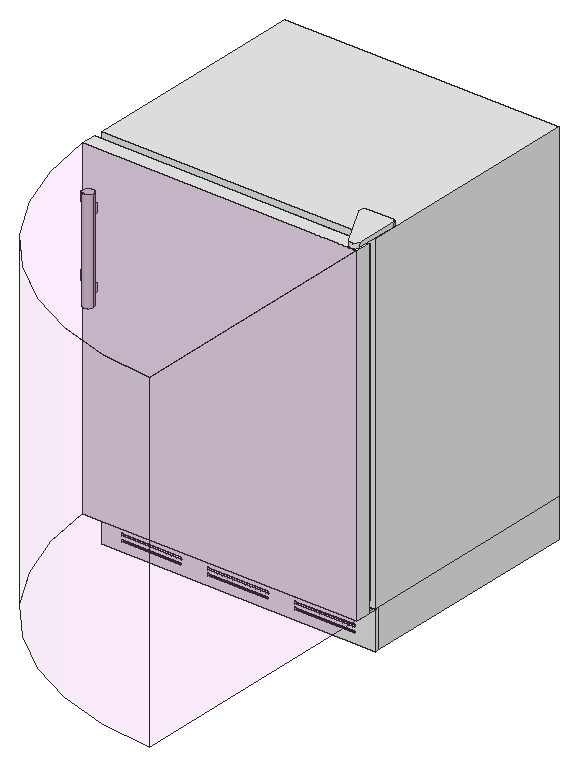
Revit family "QF_Summit_CT661W_Refrigerator-Freezer", category Specialty Equipment, Revit 2020
Family settings
  Round Connector Dimension = Use Diameter
  Part Type = Normal
  Work Plane-Based = No
  Always vertical = Yes
  Cut with Voids When Loaded = No
  Shared = No
  Room Calculation Point = No
Parameters
  Weight in Pounds = 100
  Watts = Volts * FL Amps  # 138 W
  Volts = 115 V
  URL Cutsheet = ""
  Specification by User = ""
  Specification by Manufacturer = ""
  Show LHD [instance] = no
  Right Hinged Door [instance] = not(Show LHD)  # yes
  Serial Number = ""
  Seismic Rating = ""
  SMACNA No = ""
  Revision Code = ""
  Refrigerant Volume = 0.00 kip
  Refrigerant Type = "R600a"
  Phase = 1
  Number of Poles = 1
  NAFEM Spec ID Number = ""
  Model = "CT661W"
  Min Ckt Ampacity = 0 A
  Max Overcurrent Protection = 0 A
  Masterspec = ""
  Manufacturer = "Summit"
  Length = 23 5/8"
  Item Number = ""
  Installed By = ""
  Identify Quantity as Lot = yes
  Height = 32 5/8"
  HP = ""
  Furnished By = ""
  Foodservice Equipment Identifier = yes
  FL Amps = 1.2 A
  Electrical Remarks = ""
  Electric Connection Type = ""
  Elec Conn RI Height = 0"
  Elec Conn Connection Height = 0"
  Description = "Refrigerator-Freezer"
  Depth = 23"
  Default Elevation = 0"
  Cycle = 60 Hz
  Conn Plug = ""
  Conn Conduit = yes
  CSI MasterFormat = ""
  BTUH = 0.0 Btu/h
  Apparent Power = if(Phase = 3, Volts * FL Amps * 1.73, Volts * FL Amps)  # 138 VA
Reference planes (in)
  plane 1 "BACK": y = 0
  plane 2: z = 0
  plane 3 "LEFT": x = 0
  plane 4 "RIGHT": x = 23.625
  plane 5 "FRONT": y = -23
  plane 6 "TOP": z = 32.625
  plane 7 "Center Y": x = 11.8125
  plane 8 "Center X": y = -11.5
  plane 9: z = 32.25
  plane 10: y = -24.625
  plane 11: y = -45.375
  plane 12: y = -1.25
  plane 13: y = -21
  plane 14: z = 0.375
  plane 15: z = 3.625
  plane 16: x = 17.46169
Forms (in)
  Extrusion 1, solid, material "QF_Metallic_Paint_White_Smooth"
    sketch origin (-4.07558, -180, 0.5) x (-1, 0, 0) y (0, -1, 0)
      loop
        line (-4.07558, -178.75) -> (-4.07558, -159) -> (-27.70058, -159) -> (-27.70058, -178.75) -> (-4.07558, -178.75)
    from 3.125 to 31.75
  Extrusion 2, solid, material "QF_Metallic_Paint_White_Smooth"
    sketch origin (-5.77638, -180.6239, 3.75) x (-1, 0, 0) y (0, -1, 0)
      loop
        line (-5.77638, -157.625) -> (-29.40138, -157.625) -> (-29.40138, -158.875) -> (-5.77638, -158.875) -> (-5.77638, -157.625)
    from -0.125 to 28.5
  Extrusion 3, solid, material "QF_Metallic_Paint_White_Smooth"
    sketch origin (23.5, -21.7489, 3.75) x (-1, 0, 0) y (0, 0, 1)
      loop
        line (0.375, 0.375) -> (23, 0.375) -> (23, 28) -> (0.375, 28) -> (0.375, 0.375)
    from 0 to 0.7489
  Extrusion 4, solid, material "QF_Metallic_Paint_White_Smooth", visible <- "Right Hinged Door"
    sketch origin (-5.77638, -180.6239, 32.25) x (-1, 0, 0) y (0, -1, 0)
      loop
        line (-26.55339, -161.37658) -> (-28.47012, -157.91871)
        arc (-28.47012, -157.91871) -> (-28.95386, -157.71088) -> (-29.27619, -158.12717) r 0.42999
        line (-29.27619, -158.12717) -> (-29.27619, -161.7403)
        arc (-29.27619, -161.7403) -> (-29.20297, -161.91708) -> (-29.02619, -161.9903) r 0.25
        line (-29.02619, -161.9903) -> (-26.9149, -161.9903)
        arc (-26.9149, -161.9903) -> (-26.55876, -161.78675) -> (-26.55339, -161.37658) r 0.41333
    from 0 to 0.375
  Extrusion 5, solid, material "QF_Metal_Stainless_Polished", visible <- "Right Hinged Door"
    sketch origin (-1.6459, -180.6239, 28.57044) x (-1, 0, 0) y (0, -1, 0)
      loop
        line (-1.6459, -158.625) -> (-1.5209, -158.625) -> (-1.5209, -157.55854) -> (-2.72981, -156.74311) -> (-3.38781, -156.74311) -> (-3.38781, -156.86811) -> (-2.76803, -156.86811) -> (-1.6459, -157.625) -> (-1.6459, -158.625)
    from 0 to -0.75
  Extrusion 6, solid, material "QF_Metal_Stainless_Polished", visible <- "Right Hinged Door"
    sketch origin (-4.89398, -180.6239, 20.75) x (-1, 0, 0) y (0, -1, 0)
      loop
        circle (-6.30689, -156.43406) r 0.43516
    from 0 to 8.75
  Extrusion 7, solid, material "QF_Metal_Stainless_Polished", visible <- "Right Hinged Door"
    sketch origin (-1.6459, -180.6239, 21.67956) x (0, 1, 0) y (1, 0, 0)
      loop
        line (158.625, 1.6459) -> (157.625, 1.6459) -> (156.86811, 2.76803) -> (156.86811, 3.38781) -> (156.74311, 3.38781) -> (156.74311, 2.72981) -> (157.55854, 1.5209) -> (158.625, 1.5209) -> (158.625, 1.6459)
    from 0 to -0.75
  Extrusion 8, solid, material "QF_Metallic_Paint_White_Smooth", visible <- "Right Hinged Door"
    sketch origin (-5.77638, -180.5, 3.625) x (0, -1, 0) y (-1, 0, 0)
      loop
        line (-159.5, -29.27619) -> (-158.12717, -29.27619)
        arc (-158.12717, -29.27619) -> (-157.71088, -28.95386) -> (-157.91871, -28.47012) r 0.42999
        line (-157.91871, -28.47012) -> (-159.5, -27.5936) -> (-159.5, -29.27619)
    from 0 to 0.125
  Extrusion 9, solid, material "QF_Metallic_Paint_White_Smooth"
    sketch origin (-12.48311, -21, 47.125) x (-1, 0, 0) y (0, 0, 1)
      loop
        line (-12.48311, -46.75) -> (-12.48311, -43.5) -> (-36.10811, -43.5) -> (-36.10811, -46.75) -> (-12.48311, -46.75)
      loop
        line (-14.18872, -44.25) -> (-19.43872, -44.25) -> (-19.43872, -44.5) -> (-14.18872, -44.5) -> (-14.18872, -44.25)
      loop
        line (-14.18872, -44.75) -> (-19.43872, -44.75) -> (-19.43872, -45) -> (-14.18872, -45) -> (-14.18872, -44.75)
      loop
        line (-14.18872, -45.25) -> (-19.43872, -45.25) -> (-19.43872, -45.5) -> (-14.18872, -45.5) -> (-14.18872, -45.25)
      loop
        line (-14.18872, -45.75) -> (-19.43872, -45.75) -> (-19.43872, -46) -> (-14.18872, -46) -> (-14.18872, -45.75)
      loop
        line (-21.67061, -44.25) -> (-26.92061, -44.25) -> (-26.92061, -44.5) -> (-21.67061, -44.5) -> (-21.67061, -44.25)
      loop
        line (-21.67061, -44.75) -> (-26.92061, -44.75) -> (-26.92061, -45) -> (-21.67061, -45) -> (-21.67061, -44.75)
      loop
        line (-21.67061, -45.25) -> (-26.92061, -45.25) -> (-26.92061, -45.5) -> (-21.67061, -45.5) -> (-21.67061, -45.25)
      loop
        line (-21.67061, -45.75) -> (-26.92061, -45.75) -> (-26.92061, -46) -> (-21.67061, -46) -> (-21.67061, -45.75)
      loop
        line (-34.40249, -44.25) -> (-34.40249, -44.5) -> (-29.15249, -44.5) -> (-29.15249, -44.25) -> (-34.40249, -44.25)
      loop
        line (-34.40249, -44.75) -> (-34.40249, -45) -> (-29.15249, -45) -> (-29.15249, -44.75) -> (-34.40249, -44.75)
      loop
        line (-34.40249, -45.25) -> (-34.40249, -45.5) -> (-29.15249, -45.5) -> (-29.15249, -45.25) -> (-34.40249, -45.25)
      loop
        line (-34.40249, -45.75) -> (-34.40249, -46) -> (-29.15249, -46) -> (-29.15249, -45.75) -> (-34.40249, -45.75)
    from 0 to 0.25
  Extrusion 10, solid, material "QF_Metallic_Paint_White_Smooth"
    sketch origin (-12.48311, -1, 48.375) x (-1, 0, 0) y (0, 0, 1)
      loop
        line (-12.48311, -44.75) -> (-36.10811, -44.75) -> (-36.10811, -48) -> (-12.48311, -48) -> (-12.48311, -44.75)
    from -19.75 to -0.25
  Extrusion 11, solid, material "QF_Metallic_Paint_White_Smooth"
    sketch origin (23.625, -1, 0.375) x (0, 1, 0) y (1, 0, 0)
      loop
        circle (-18, -20.5146) r 0.5
      loop
        circle (-2.25, -20.5146) r 0.5
      loop
        circle (-18, -3.1104) r 0.5
      loop
        circle (-2.25, -3.1104) r 0.5
    from 0 to 0.375
  Extrusion 12, solid, material "QF_Metal_Stainless_Polished"
    sketch origin (0, -1.25, 0.5) x (1, 0, 0) y (0, 0, -1)
      loop
        circle (17.46169, -0.84684) r 0.25
    from 0 to 0.25
  Extrusion 13, solid, material "QF_Metallic_Paint_White_Smooth"
    sketch origin (0, -0.75, 18) x (0, -1, 0) y (1, 0, 0)
      loop
        line (-0.75, 1) -> (0.5, 1) -> (0.5, 22.625) -> (-0.75, 22.625) -> (-0.75, 1)
    from -14.375 to 13.25
  Extrusion 14, solid, material "QF_Clearances_Door_Drawer", visible <- "Right Hinged Door"
    sketch origin (-5.77638, -180.6239, 3.625) x (0, -1, 0) y (-1, 0, 0)
      loop
        line (-157.625, -29.40138) -> (-135.2489, -29.40138)
        arc (-135.2489, -29.40138) -> (-141.83082, -13.22625) -> (-157.625, -5.77638) r 24.03425
        line (-157.625, -5.77638) -> (-157.625, -29.40138)
    from 0 to -28.625
  Extrusion 15, solid, material "QF_Clearances_Door_Drawer", visible <- "Show LHD"
    sketch origin (29.40138, -180.6239, 3.625) x (0, 1, 0) y (1, 0, 0)
      loop
        line (157.625, -29.40138) -> (157.625, -5.77638)
        arc (157.625, -5.77638) -> (141.83082, -13.22625) -> (135.2489, -29.40138) r 24.03425
        line (135.2489, -29.40138) -> (157.625, -29.40138)
    from 0 to -28.625
  Extrusion 16, solid, material "QF_Metal_Stainless_Polished", visible <- "Show LHD"
    sketch origin (25.2709, -180.6239, 28.57044) x (1, 0, 0) y (0, 1, 0)
      loop
        line (-1.6459, 158.625) -> (-1.6459, 157.625) -> (-2.76803, 156.86811) -> (-3.38781, 156.86811) -> (-3.38781, 156.74311) -> (-2.72981, 156.74311) -> (-1.5209, 157.55854) -> (-1.5209, 158.625) -> (-1.6459, 158.625)
    from 0 to -0.75
  Extrusion 17, solid, material "QF_Metal_Stainless_Polished", visible <- "Show LHD"
    sketch origin (28.51898, -180.6239, 20.75) x (1, 0, 0) y (0, 1, 0)
      loop
        circle (-6.30689, 156.43406) r 0.43516
    from 0 to 8.75
  Extrusion 18, solid, material "QF_Metal_Stainless_Polished", visible <- "Show LHD"
    sketch origin (25.2709, -180.6239, 21.67956) x (0, -1, 0) y (-1, 0, 0)
      loop
        line (-158.625, 1.6459) -> (-158.625, 1.5209) -> (-157.55854, 1.5209) -> (-156.74311, 2.72981) -> (-156.74311, 3.38781) -> (-156.86811, 3.38781) -> (-156.86811, 2.76803) -> (-157.625, 1.6459) -> (-158.625, 1.6459)
    from 0 to -0.75
  Extrusion 19, solid, material "QF_Metallic_Paint_White_Smooth", visible <- "Show LHD"
    sketch origin (29.40138, -180.6239, 32.25) x (1, 0, 0) y (0, 1, 0)
      loop
        arc (-26.55339, 161.37658) -> (-26.55876, 161.78675) -> (-26.9149, 161.9903) r 0.41333
        line (-26.9149, 161.9903) -> (-29.02619, 161.9903)
        arc (-29.02619, 161.9903) -> (-29.20297, 161.91708) -> (-29.27619, 161.7403) r 0.25
        line (-29.27619, 161.7403) -> (-29.27619, 158.12717)
        arc (-29.27619, 158.12717) -> (-28.95386, 157.71088) -> (-28.47012, 157.91871) r 0.42999
        line (-28.47012, 157.91871) -> (-26.55339, 161.37658)
    from 0 to 0.375
  Extrusion 20, solid, material "QF_Metallic_Paint_White_Smooth", visible <- "Show LHD"
    sketch origin (29.40138, -180.5, 3.625) x (0, 1, 0) y (1, 0, 0)
      loop
        line (159.5, -29.27619) -> (159.5, -27.5936) -> (157.91871, -28.47012)
        arc (157.91871, -28.47012) -> (157.71088, -28.95386) -> (158.12717, -29.27619) r 0.42999
        line (158.12717, -29.27619) -> (159.5, -29.27619)
    from 0 to 0.125
Lines and regions (in)
  symbolic lines
    curve 1: line (0, -1.25, 0) -> (23.625, -1.25, 0)
    curve 2: line (0, -21, 0) -> (0, -1.25, 0)
    curve 3: line (23.625, -21, 0) -> (23.49982, -21, 0)
    curve 4: line (23.625, -1.25, 0) -> (23.625, -21, 0)
    curve 5: line (21.74854, -21, 0) -> (1.87646, -21, 0)
    curve 12: line (23.625, -22.9989, 0) -> (0, -22.9989, 0)
    curve 13: line (0, -21.7489, 0) -> (0, -22.9989, 0)
    curve 14: line (23.625, -21.7489, 0) -> (23.49982, -21.7489, 0)
    curve 15: line (23.625, -22.9989, 0) -> (23.625, -21.7489, 0)
    curve 16: line (22.16366, -21.7489, 0) -> (1.46134, -21.7489, 0)
    curve 28: line (1, -1.25, 0) -> (1, 0, 0)
    curve 29: line (1, 0, 0) -> (22.625, 0, 0)
    curve 30: line (22.625, 0, 0) -> (22.625, -1.25, 0)
    curve 53: line (0.12518, -21, 0) -> (0, -21, 0)
    curve 55: line (0.12518, -21.7489, 0) -> (0, -21.7489, 0)
  symbolic lines, visible <- "Right Hinged Door"
    curve 6: line (23.49982, -22.49673, 0) -> (23.49982, -18.8836, 0)
    curve 7: arc (23.49982, -18.8836, 0) -> (23.42659, -18.70682, 0) -> (23.24982, -18.6336, 0) r 0.25
    curve 8: line (23.24982, -18.6336, 0) -> (21.13852, -18.6336, 0)
    curve 9: arc (21.13852, -18.6336, 0) -> (20.78238, -18.83715, 0) -> (20.77701, -19.24732, 0) r 0.41333
    curve 10: line (20.77701, -19.24732, 0) -> (22.69374, -22.70519, 0)
    curve 11: arc (22.69374, -22.70519, 0) -> (23.17748, -22.91302, 0) -> (23.49982, -22.49673, 0) r 0.42999
    curve 17: line (-0.125, -21.9989, 0) -> (-0.125, -23.06536, 0)
    curve 18: line (-0.125, -23.06536, 0) -> (1.08391, -23.88078, 0)
    curve 19: arc (0.97776, -24.18984, 0) -> (1.41291, -24.625, 0) -> (1.84807, -24.18984, 0) r 0.43516
    curve 20: line (1.74192, -23.75578, 0) -> (1.12213, -23.75578, 0)
    curve 21: line (1.12213, -23.75578, 0) -> (0, -22.9989, 0)
    curve 22: line (1.74192, -23.88078, 0) -> (1.74192, -23.75578, 0)
    curve 23: arc (1.84807, -24.18984, 0) -> (1.73137, -23.89328, 0) -> (1.44385, -23.75578, 0) r 0.43516
    curve 24: line (1.08391, -23.88078, 0) -> (1.10657, -23.88078, 0)
    curve 25: line (1.71926, -23.88078, 0) -> (1.74192, -23.88078, 0)
    curve 26: arc (1.38198, -23.75578, 0) -> (1.09446, -23.89328, 0) -> (0.97776, -24.18984, 0) r 0.43516
    curve 27: line (0.5, -21.7489, 0) -> (0.5, -21, 0)
    curve 32: line (-0.125, -21.9989, 0) -> (0, -21.9989, 0)
    curve 54: line (1.87646, -21, 0) -> (0.12518, -21, 0)
    curve 56: line (1.46134, -21.7489, 0) -> (0.12518, -21.7489, 0)
  symbolic lines, style "QF_Clearances_Door_Drawer", visible <- "Right Hinged Door"
    curve 31: line (23.625, -22.9989, 0) -> (3.82025, -34.43318, 0)
    curve 33: arc (3.82025, -34.43318, 0) -> (1.20686, -29.03479, 0) -> (0.01147, -23.15741, 0) r 24.03425
  symbolic lines, visible <- "Show LHD"
    curve 34: line (0.12518, -22.49673, 0) -> (0.12518, -18.8836, 0)
    curve 35: arc (0.12518, -18.8836, 0) -> (0.19841, -18.70682, 0) -> (0.37518, -18.6336, 0) r 0.25
    curve 36: line (0.37518, -18.6336, 0) -> (2.48648, -18.6336, 0)
    curve 37: arc (2.48648, -18.6336, 0) -> (2.84262, -18.83715, 0) -> (2.84799, -19.24732, 0) r 0.41333
    curve 38: line (2.84799, -19.24732, 0) -> (0.93126, -22.70519, 0)
    curve 39: arc (0.93126, -22.70519, 0) -> (0.44752, -22.91302, 0) -> (0.12518, -22.49673, 0) r 0.42999
    curve 40: line (23.75, -21.9989, 0) -> (23.75, -23.06536, 0)
    curve 41: line (23.75, -23.06536, 0) -> (22.54109, -23.88078, 0)
    curve 42: arc (22.64724, -24.18984, 0) -> (22.21209, -24.625, 0) -> (21.77693, -24.18984, 0) r 0.43516
    curve 43: line (21.88308, -23.75578, 0) -> (22.50287, -23.75578, 0)
    curve 44: line (22.50287, -23.75578, 0) -> (23.625, -22.9989, 0)
    curve 45: arc (21.77693, -24.18984, 0) -> (21.89363, -23.89328, 0) -> (22.18115, -23.75578, 0) r 0.43516
    curve 46: arc (22.24302, -23.75578, 0) -> (22.53054, -23.89328, 0) -> (22.64724, -24.18984, 0) r 0.43516
    curve 48: line (23.75, -21.9989, 0) -> (23.625, -21.9989, 0)
    curve 50: line (22.54109, -23.88078, 0) -> (22.51843, -23.88078, 0)
    curve 51: line (21.88308, -23.75578, 0) -> (21.88308, -23.88078, 0)
    curve 52: line (21.90574, -23.88078, 0) -> (21.88308, -23.88078, 0)
    curve 57: line (23.125, -21.7489, 0) -> (23.125, -21, 0)
    curve 58: line (21.74854, -21, 0) -> (23.49982, -21, 0)
    curve 59: line (22.16366, -21.7489, 0) -> (23.49982, -21.7489, 0)
  symbolic lines, style "QF_Clearances_Door_Drawer", visible <- "Show LHD"
    curve 47: line (0, -22.9989, 0) -> (19.80475, -34.43318, 0)
    curve 49: arc (19.80475, -34.43318, 0) -> (22.41814, -29.03479, 0) -> (23.61353, -23.15741, 0) r 24.03425
Dimensions and locks (in)
  equal spacing: plane 3 "LEFT", plane 7 "Center Y", plane 4 "RIGHT"
  "Length": plane 3 "LEFT" to plane 4 "RIGHT"
  equal spacing: plane 5 "FRONT", plane 8 "Center X", plane 1 "BACK"
  "Depth": plane 5 "FRONT" to plane 1 "BACK"
  "Height": plane 6 "TOP" to level
  plane 4 "RIGHT" to plane 3 "LEFT" = 23 5/8"
  locked: plane 6 "TOP" to plane 9 at 0.375
  locked: plane 10 to plane 5 "FRONT" at 1.625
  plane 1 "BACK" to plane 12 = 1 1/4"
  plane 12 to plane 13 = 19 3/4"
  plane 9 to plane 2 = 32 1/4"
  plane 14 to plane 2 = 3/8"
  plane 15 to plane 14 = 3 1/4"
  plane 11 to plane 1 "BACK" = 45 3/8"
  aligned and locked: level to plane 2
Automatic sketch dimensions
  curve 19 to curve 23 = 0"  (x2)
  curve 19 to curve 26 = 0"  (x2)
  curve 23 to curve 26 = 0"  (x2)
  curve 42 to curve 45 = 0"  (x2)
  curve 42 to curve 46 = 0"  (x2)
  curve 45 to curve 46 = 0"  (x2)
  curve 47 to plane 3 "LEFT" = 0"
  curve 53 to plane 3 "LEFT" = 0"
  curve 53 to plane 13 = 0"
  curve 54 to plane 13 = 0"
  curve 28 to plane 12 = 0"
  plane 1 "BACK" to curve 29 = 0"
  curve 5 to plane 13 = 0"
  curve 58 to plane 13 = 0"
  curve 3 to plane 13 = 0"
  curve 48 to plane 4 "RIGHT" = 0"
  curve 1 to plane 4 "RIGHT" = 0"
  curve 17 to plane 3 "LEFT" = 1/8"
  curve 49 to plane 3 "LEFT" = 0.35216"
  plane 3 "LEFT" to curve 34 = 0.12518"
  curve 34 to curve 36 = 1/4"
  curve 34 to curve 39 = 0.42999"
  curve 38 to plane 5 "FRONT" = 0.29481"
  curve 39 to curve 38 = 0.37608"
  plane 3 "LEFT" to curve 29 = 1"
  plane 3 "LEFT" to curve 18 = 1.08391"
  plane 5 "FRONT" to curve 21 = 0.75578"
  curve 18 to curve 21 = 0.03822"
  curve 18 to curve 26 = 0.329"
  curve 16 to plane 13 = 0.7489"
  curve 39 to curve 16 = 0.53008"
  curve 19 to curve 20 = 0.329"
  curve 36 to curve 36 = 2.1113"
  plane 13 to curve 38 = 1.75268"
  plane 3 "LEFT" to curve 31 = 3.82025"
  curve 47 to plane 16 = 2.34306"
  plane 4 "RIGHT" to curve 10 = 2.84799"
  curve 9 to curve 9 = 0.36151"
  plane 10 to curve 52 = 0.74422"
  plane 4 "RIGHT" to curve 52 = 1.74192"
  curve 51 to curve 45 = 0.329"
  curve 42 to curve 44 = 0.29079"
  curve 43 to curve 50 = 0.01556"
  curve 50 to curve 50 = 0.02266"
  plane 4 "RIGHT" to curve 30 = 1"
  curve 10 to plane 5 "FRONT" = 0.29481"
  plane 4 "RIGHT" to curve 10 = 0.93126"
  curve 10 to curve 11 = 0.37608"
  plane 4 "RIGHT" to curve 7 = 0.37518"
  plane 4 "RIGHT" to curve 6 = 0.12518"
  curve 40 to plane 4 "RIGHT" = 1/8"
  curve 33 to plane 4 "RIGHT" = 0.35216"
  curve 52 to curve 41 = 0"
  curve 18 to curve 20 = 1/8"
  plane 10 to curve 26 = 0.43516"
  curve 45 to curve 52 = 0.30906"
  curve 47 to plane 10 = 9.80818"
  curve 31 to plane 10 = 9.80818"
  curve 22 to curve 20 = 1/8"
  curve 51 to curve 43 = 1/8"
  plane 5 "FRONT" to curve 17 = 0.06536"
  plane 5 "FRONT" to curve 41 = 0.06536"
  curve 44 to plane 5 "FRONT" = 0.0011"
  curve 6 to curve 40 = 0.49783"
  curve 39 to curve 32 = 0.49783"
  curve 32 to curve 13 = 1/4"
  curve 48 to curve 14 = 1/4"
  curve 49 to plane 13 = 0.34333"
  curve 33 to plane 13 = 0.34333"
  plane 13 to curve 10 = 1.75268"
  curve 9 to curve 9 = 0.20039"
  curve 37 to curve 37 = 0.20039"
  curve 55 to curve 27 = 0.37482"
  curve 19 to curve 18 = 0.10616"
  curve 56 to curve 16 = 0"
  curve 59 to curve 16 = 0"
  curve 57 to curve 3 = 0.37482"
  Extrusion 1 sketch curve to plane 4 "RIGHT" = 0"
  Extrusion 1 sketch curve to plane 3 "LEFT" = 0"
  Extrusion 1 sketch curve to plane 12 = 0"
  Extrusion 1 sketch curve to plane 13 = 0"
  Extrusion 2 sketch curve to plane 4 "RIGHT" = 0"
  Extrusion 2 sketch curve to plane 3 "LEFT" = 0"
  Extrusion 2 sketch curve to plane 13 = 0.7489"
  Extrusion 2 sketch curve to plane 5 "FRONT" = 0.0011"
  Extrusion 2 to Extrusion 3 sketch curve = 1/2"  (x3)
  Extrusion 3 sketch curve to Extrusion 2 = 1/2"
  Extrusion 4 sketch curve to Extrusion 2 = 0.12518"
  Extrusion 4 sketch curve to Extrusion 4 sketch curve = 1/4"
  Extrusion 4 sketch curve to Extrusion 4 sketch curve = 0.42999"
  Extrusion 4 sketch curve to Extrusion 2 = 0.29371"
  Extrusion 4 sketch curve to Extrusion 4 sketch curve = 0.37608"
  Extrusion 4 sketch curve to Extrusion 4 sketch curve = 2.1113"
  Extrusion 4 sketch curve to Extrusion 4 sketch curve = 0.36151"
  Extrusion 2 to Extrusion 4 sketch curve = 2.50158"
  Extrusion 4 sketch curve to Extrusion 4 sketch curve = 0.20039"
  Extrusion 5 sketch curve to plane 3 "LEFT" = 0"
  plane 3 "LEFT" to Extrusion 5 sketch curve = 1.08391"
  Extrusion 5 sketch curve to Extrusion 5 sketch curve = 0.03822"
  Extrusion 5 sketch curve to Extrusion 5 sketch curve = 0.61979"
  Extrusion 5 sketch curve to plane 3 "LEFT" = 1/8"
  Extrusion 5 sketch curve to plane 13 = 0.9989"
  Extrusion 5 sketch curve to plane 5 "FRONT" = 0.0011"
  plane 5 "FRONT" to Extrusion 5 sketch curve = 0.06536"
  plane 5 "FRONT" to Extrusion 5 sketch curve = 0.75578"
  Extrusion 5 sketch curve to Extrusion 5 sketch curve = 1/8"
  plane 10 to Extrusion 6 sketch curve = 0.43516"
  plane 3 "LEFT" to Extrusion 6 sketch curve = 1.41291"
  Extrusion 7 sketch curve to plane 3 "LEFT" = 0"
  plane 10 to Extrusion 7 sketch curve = 0.74422"
  Extrusion 7 sketch curve to Extrusion 7 sketch curve = 1/8"
  plane 5 "FRONT" to Extrusion 7 sketch curve = 0.06536"
  Extrusion 7 sketch curve to plane 5 "FRONT" = 0.0011"
  Extrusion 7 sketch curve to plane 3 "LEFT" = 1/8"
  Extrusion 7 sketch curve to plane 13 = 0.9989"
  plane 3 "LEFT" to Extrusion 7 sketch curve = 1.08391"
  Extrusion 7 sketch curve to Extrusion 7 sketch curve = 0.03822"
  Extrusion 7 sketch curve to Extrusion 7 sketch curve = 0.61979"
  Extrusion 2 to Extrusion 8 sketch curve = 0.12518"
  Extrusion 8 sketch curve to Extrusion 2 = 0.7489"
  Extrusion 2 to Extrusion 8 sketch curve = 0.62393"
  Extrusion 2 to Extrusion 8 sketch curve = 0.41761"
  Extrusion 8 sketch curve to Extrusion 8 sketch curve = 0.42999"
  Extrusion 8 sketch curve to Extrusion 8 sketch curve = 1.6826"
  plane 4 "RIGHT" to Extrusion 9 sketch curve = 0"
  Extrusion 9 sketch curve to plane 3 "LEFT" = 0"
  Extrusion 9 sketch curve to plane 14 = 0"
  Extrusion 9 sketch curve to plane 15 = 0"
  plane 4 "RIGHT" to Extrusion 9 sketch curve = 1.70562"
  plane 14 to Extrusion 9 sketch curve = 3/4"  (x3)
  Extrusion 9 sketch curve to Extrusion 9 sketch curve = 0"  (x18)
  plane 16 to Extrusion 9 sketch curve = 0.79231"
  Extrusion 9 sketch curve to Extrusion 9 sketch curve = 2.23188"  (x2)
  Extrusion 9 sketch curve to plane 7 "Center Y" = 2 5/8"
  plane 3 "LEFT" to Extrusion 9 sketch curve = 1.70562"
  Extrusion 9 sketch curve to Extrusion 9 sketch curve = 1/4"  (x21)
  plane 4 "RIGHT" to Extrusion 10 sketch curve = 0"
  Extrusion 10 sketch curve to plane 3 "LEFT" = 0"
  Extrusion 10 sketch curve to plane 14 = 0"
  Extrusion 10 sketch curve to plane 15 = 0"
  Extrusion 11 sketch curve to Extrusion 10 = 1 3/4"  (x2)
  Extrusion 11 sketch curve to Extrusion 10 = 2"  (x2)
  Extrusion 10 to Extrusion 11 sketch curve = 3.1104"  (x2)
  Extrusion 11 sketch curve to Extrusion 10 = 3.1104"  (x2)
  Extrusion 12 sketch curve to Extrusion 1 = 2.27816"
  Extrusion 12 sketch curve to Extrusion 1 = 6.16331"
  plane 1 "BACK" to Extrusion 13 sketch curve = 0"
  Extrusion 13 sketch curve to plane 12 = 0"
  plane 3 "LEFT" to Extrusion 13 sketch curve = 1"
  plane 4 "RIGHT" to Extrusion 13 sketch curve = 1"
  Extrusion 14 sketch curve to Extrusion 2 = 0"  (x3)
  Extrusion 14 sketch curve to Extrusion 2 = 0.40557"
  Extrusion 14 sketch curve to Extrusion 14 sketch curve = 22.3761"
  Extrusion 15 sketch curve to Extrusion 2 = 0"  (x3)
  Extrusion 15 sketch curve to Extrusion 15 sketch curve = 22.3761"
  Extrusion 15 sketch curve to Extrusion 2 = 0.35216"
  Extrusion 16 sketch curve to plane 4 "RIGHT" = 0"
  plane 4 "RIGHT" to Extrusion 16 sketch curve = 1.08391"
  Extrusion 16 sketch curve to Extrusion 16 sketch curve = 0.03822"
  Extrusion 16 sketch curve to Extrusion 16 sketch curve = 0.61979"
  Extrusion 16 sketch curve to plane 4 "RIGHT" = 1/8"
  plane 10 to Extrusion 16 sketch curve = 0.74422"
  Extrusion 16 sketch curve to Extrusion 16 sketch curve = 1/8"
  plane 5 "FRONT" to Extrusion 16 sketch curve = 0.06536"
  Extrusion 16 sketch curve to plane 5 "FRONT" = 0.0011"
  Extrusion 16 sketch curve to plane 13 = 0.9989"
  plane 10 to Extrusion 17 sketch curve = 0.43516"
  plane 4 "RIGHT" to Extrusion 17 sketch curve = 1.41291"
  Extrusion 18 sketch curve to plane 4 "RIGHT" = 0"
  Extrusion 18 sketch curve to plane 13 = 0.9989"
  Extrusion 18 sketch curve to plane 5 "FRONT" = 0.0011"
  plane 5 "FRONT" to Extrusion 18 sketch curve = 0.06536"
  plane 5 "FRONT" to Extrusion 18 sketch curve = 0.75578"
  Extrusion 18 sketch curve to Extrusion 18 sketch curve = 1/8"
  plane 4 "RIGHT" to Extrusion 18 sketch curve = 1.08391"
  Extrusion 18 sketch curve to Extrusion 18 sketch curve = 0.03822"
  Extrusion 18 sketch curve to Extrusion 18 sketch curve = 0.61979"
  Extrusion 18 sketch curve to plane 4 "RIGHT" = 1/8"
  Extrusion 19 sketch curve to Extrusion 2 = 0.12518"
  Extrusion 19 sketch curve to Extrusion 19 sketch curve = 1/4"
  Extrusion 19 sketch curve to Extrusion 19 sketch curve = 0.42999"
  Extrusion 19 sketch curve to Extrusion 2 = 0.29371"
  Extrusion 19 sketch curve to Extrusion 19 sketch curve = 0.37608"
  Extrusion 19 sketch curve to Extrusion 19 sketch curve = 2.1113"
  Extrusion 19 sketch curve to Extrusion 19 sketch curve = 0.36151"
  Extrusion 2 to Extrusion 19 sketch curve = 2.50158"
  Extrusion 19 sketch curve to Extrusion 19 sketch curve = 0.20039"
  Extrusion 2 to Extrusion 20 sketch curve = 0.41761"
  Extrusion 2 to Extrusion 20 sketch curve = 0.12518"
  Extrusion 2 to Extrusion 20 sketch curve = 0.62393"
  Extrusion 20 sketch curve to Extrusion 2 = 0.7489"
  Extrusion 20 sketch curve to Extrusion 20 sketch curve = 0.42999"
  Extrusion 20 sketch curve to Extrusion 20 sketch curve = 1.6826"
  radius of Extrusion 6 sketch curve = 0.43516"
  radius of Extrusion 11 sketch curve = 1/2"  (x4)
  radius of Extrusion 12 sketch curve = 1/4"
  radius of Extrusion 17 sketch curve = 0.43516"
Connectors (in)
  electrical at (17.46169, -1, 1.34684), driven by "Volts", driven by "Watts"
    settings: on Extrusion 12, index 6, voltage 115 V, apparent load 138 VA, apparent load phase1 0 VA, apparent load phase2 0 VA, apparent load phase3 0 VA, power factor 1, load classification "Other", number of poles 1, system type 30, power factor state 1, is connector primary yes, connector utility no, sub classification motor no, connector description ""
